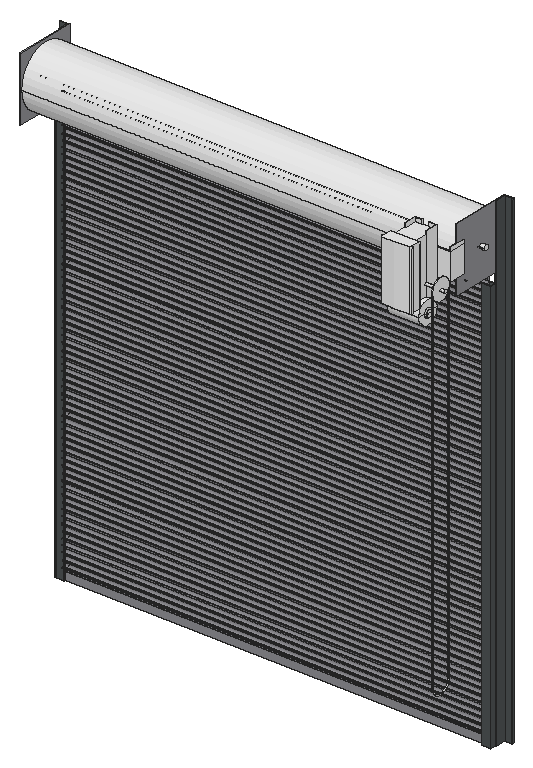
Revit family "FireKing-Fire-Rated-Service-Doors_OHD_Model-631_compact", category Specialty Equipment, host Wall, Revit 2023
Family settings
  Host = Wall
  Round Connector Dimension = Use Diameter
  Part Type = Normal
  OmniClass Number = 23.30.10.21.34
  OmniClass Title = Industrial Doors
  Enable Cutting in Views = No
  Always vertical = Yes
  Cut with Voids When Loaded = Yes
  Maintain Annotation Orientation = No
  Shared = No
  Room Calculation Point = No
Parameters (values of type "115 volts, one phase, 60 Hz (110-120V range)")
  Width Count [instance] = 14  # constant formula
  Warning Sign [instance] = if(Calculated Area > 683.00 SF, 1 = 1, 1 = 2)  # no
  Warning (Note) [instance] = if(Warning Sign, "The Door Area is out of the limit; please adjust accordingly. The maximum allowed area is 683 sq. ft.", if(HC Warning = 1, "Headroom Clearance Dimensions - out of the limits. Consult Factory", " "))  # " "
  Wall Thickness [instance] = 6"
  Voltage = 115 V
  Version = "1.00.01"  # constant formula
  True Opening Width [instance] = if(Between Jambs Mounting, Door Width True, Clear Width)  # 120"
  True Opening Height [instance] = if(Between Jambs Mounting, Clear Height + Headroom Height, Clear Height)  # 120"
  Slat Type [instance] = if(Slat Option < 2, "C-187", "F-265")  # "C-187"
  Slat Option [instance] = 1
  Slat Material [instance] = Steel - Overhead Door - Gray
  Slat Length [instance] = if(Between Jambs Mounting, Clear Width + 1 13/16" * 2, Clear Width + 1 9/16" * 2 + 1/4" * 2)  # 123 5/8"
  Slat Height [instance] = if(Slat < 2, 11 9/32", 13 19/128")  # 11 9/32"
  Slat [instance] = if(Slat Option < 2, 1, 2)  # 1
  Product Page URL = "https://www.overheaddoor.com/fire-rated-service-doors-631"
  Power Factor = 1
  Powder Coat (Note) = "PowderGuard® Premium powder coat finish options are available in approximately 200 colors as well as custom matching to specification. PowderGuard® Textured finish, a thicker, more scratch resistant coat, is available in 11 colors providing enhanced scratch resistance as well as aiding in hiding the dirt and blemishes that often occur in commercial environments.​"  # constant formula
  Operator Visibility = yes
  Operation (Note) [instance] = "Door could operate by manual push, crank, electrical operator or chain hoist. Manual push up and crank could be used up to 80 sf, for larger door sizes you have to use Chain Hoist operator."  # constant formula
  Opening Width Real [instance] = if(Opening Width > Max Opening Width, Max Opening Width, if(Opening Width < Min Opening Width, Min Opening Width, Opening Width))  # 120"
  Opening Width [instance] = 120"
  Opening Height Real [instance] = if(Opening Height > Max Opening Height, Max Opening Height, if(Opening Height < Min Opening Height, Min Opening Height, Opening Height))  # 120"
  Opening Height [instance] = 120"
  One Array element [instance] = not(Array Vis)  # no
  Number of Poles = 1
  Motor Type [instance] = if(Between Jambs Mounting, "RSX FDO Front of Hood", if(Motor Option < 2, "RSX FDO Front of Hood", if(Motor Option = 2, "RSX FDO Top of Hood", if(Motor Option = 3, "RSX Wall Mount", "RSX Bench Mount"))))  # "RSX FDO Front of Hood"
  Motor Selection (Note) [instance] = "Generic operator shown. Contact Overhead Door when dimensions are critical. "  # constant formula
  Motor Position [instance] = if(Between Jambs Mounting, BJ Displacement Real, 2 1/2")  # 2 1/2"
  Motor Option Real [instance] = if(Between Jambs Mounting, 1, if(Motor Option < 1, 1, if(Motor Option > 4, 4, Motor Option)))  # 1
  Motor Option [instance] = 1
  Min Opening Width [instance] = if(Between Jambs Mounting, 18" + BJ Displacement Real * 2 + 2 3/4" * 2, 18")  # 18"
  Min Opening Height [instance] = if(Between Jambs Mounting, 24" + Headroom Height, 24")  # 24"
  Max Opening Width [instance] = 168"  # constant formula
  Max Opening Height [instance] = 144"  # constant formula
  Lookup Table = "Hood Dimensions"  # constant formula
  Lookup BD [instance] = size_lookup(Lookup Table, if(Slat = 1, "A1", "A3"), 10", Width Count, Height Count)  # 17 1/2"
  Jambs Offset [instance] = if(Between Jambs Mounting, BJ Displacement Real + 2 3/4", 0")  # 0"
  Installation Real [instance] = if(Between Jambs Mounting, Wall Thickness / 2 - Guid Depth / 2, Wall Thickness)  # 6"
  Hood Type [instance] = if(Hood Option < 2, "No Hood", if(Hood Option = 2, "Square Hood", if(Hood Option = 3, "Octagon Hood", "Round Hood")))  # "No Hood"
  Hood Option [instance] = 1
  Hood Offset [instance] = if(Chain Hoist or Manual, 1", 3")  # 3"
  Hood Material [instance] = Metal - Overhead Door - Gray
  Hood Height [instance] = if(Between Jambs Mounting, Headroom Height - Hood Offset, if(Hood Option > 1, Headroom Height - Hood Offset - 1 1/2", Headroom Height - Hood Offset))  # 18 5/8"
  Height Count [instance] = if(Slat = 1, HC 1, HC 3)  # 10
  Lookup HH [instance] = size_lookup(Lookup Table, if(Slat = 1, "B1", "B3"), 10", Width Count, Height Count)  # 19 5/8"
  Headroom Height [instance] = if(Chain Hoist or Manual, Lookup HH, Lookup HH + 2")  # 21 5/8"
  HC Warning [instance] = 0  # constant formula
  HC 3 [instance] = if(or(Opening Height < 120", Opening Height = 120"), 10, 14)  # 10
  HC 1 [instance] = if(or(Opening Height < 120", Opening Height = 120"), 10, 21)  # 10
  Guide Type [instance] = if(Between Jambs Mounting, "Angled Between Jambs Z Guide", "Angled Z Guide")  # "Angled Z Guide"
  Guide Option [instance] = if(Between Jambs Mounting, 1, 2)  # 2
  Guid Depth [instance] = 5"  # constant formula
  Frequency = 60 Hz
  Face of Wall Offset [instance] = if(Between Jambs Mounting, 0", 5")  # 5"
  Face Of Wall Mounting [instance] = not(Between Jambs Mounting)  # yes
  Door Width True [instance] = if(Between Jambs Mounting, Clear Width + BJ Displacement Real * 2 + 2 3/4" * 2, Clear Width + 5 3/4" * 2)  # 131 1/2"
  Door Width (Real) [instance] = if(Between Jambs Mounting, Clear Width, Clear Width + 1" / 2)  # 120 1/2"
  Door Height True [instance] = Clear Width + Headroom Height  # 141 5/8"
  Door Height (Real) [instance] = Clear Height + Hood Offset  # 123"
  URL = "https://www.overheaddoor.com/"
  Product data url = "https://www.bimobject.com/overhead-door/product/fireking-fire-rated-service-doors-631"
  Product Guid = "c39b9763-8afd-4508-a33a-ab799e940b6d"
  Model = "631"  # constant formula
  Manufacturer = "Overhead Door Corporation"  # constant formula
  Wall Closure = By host
  Floor To (CL) of Shaft [instance] = Clear Height + Hood Height / 2 + Hood Offset  # 132 5/16"
  Finish Material = Finish - Overhead Door - Black
  Description = "FireKing Model 631 Rolling Fire Door"  # constant formula
  Default Elevation = 0"
  Date Updated = "2026/05/29"  # constant formula
  Clear Width [instance] = if(Between Jambs Mounting, Opening Width Real - BJ Displacement Real * 2 - 2 3/4" * 2, Opening Width Real)  # 120"
  Clear Height [instance] = if(Between Jambs Mounting, Opening Height Real - Headroom Height, Opening Height Real)  # 120"
  Chain Hoist or Manual = no
  Current = 20 A
  Connector Array Distance = 0"  # constant formula
  Connector Array = if(Chain Hoist or Manual, 2, 3)  # 3
  BimObject_Variable_Connectors = "No"  # constant formula
  Between Jambs Mounting [instance] = no
  Between Jambs Guides Offset [instance] = 3"
  Bar [instance] = if(and(Hood Option > 1, Face Of Wall Mounting), 1 = 1, 1 = 2)  # no
  Backroom Depth [instance] = Lookup BD  # 17 1/2"
  BJ Opening Cut [instance] = if(Between Jambs Mounting, Headroom Height, 0")  # 0"
  BJ Displacement Real [instance] = if(Between Jambs Mounting, if(Between Jambs Guides Offset < 3", 3", if(Between Jambs Guides Offset > 6 3/4", 6 3/4", Between Jambs Guides Offset)), 0")  # 0"
  Array Vis [instance] = if(Array < 2, 1 = 2, 1 = 1)  # yes
  Array Real [instance] = if(Array < 2, 2, Array)  # 11
  Array Length [instance] = (Array) * Slat Height  # 124 3/32"
  Array [instance] = rounddown(([Door Height (Real)]) / Slat Height) + 1  # 11
  Calculated Area [instance] = [Door Width (Real)] * [Door Height (Real)]  # 102.927 SF
  Apparent Load Phase 3 = if(Number of Poles = 1, 0 VA, (Voltage * Current * sqrt(3)) / 3)  # 0 VA
  Apparent Load Phase 2 = if(Number of Poles = 1, 0 VA, (Voltage * Current * sqrt(3)) / 3)  # 0 VA
  Apparent Load Phase 1 = if(Number of Poles = 1, Voltage * Current, (Voltage * Current * sqrt(3)) / 3)  # 2300 VA
Reference planes (in)
  plane 1 "Center (Front/Back)": y = -14.625
  plane 2 "Center (Left/Right)": x = 0
  plane 3 "Left": x = -60
  plane 4 "Right": x = 60
  plane 5 "Exterior": y = -8.625
  plane 6 "Interior": y = -14.625
  plane 7: x = 65.75
  plane 8: x = -65.75
  plane 9: z = 120
  plane 10 "Main": y = -18.98437
  plane 11 "Backroom Depth": y = -32.125
  plane 12 "Main Door Block": y = -14.625
  plane 13 "Bottom Bar": z = 2.75
  plane 14: y = -19.625
  plane 15: z = 126.84375
  plane 16: z = 141.625
  plane 17: z = 123
  plane 18: z = 143.125
  plane 19: z = 0
  plane 20: z = 60
  plane 21: y = -18.7185
  plane 22: y = 18.375
  plane 23: y = -41.625
  plane 24 "Double Main": y = -18.406
  plane 25 "Headroom Top": z = 141.625
  plane 26: z = 132.3125
  plane 27: x = 63.25
  plane 28: x = -63.25
Forms (in)
  Extrusion 1, void
    sketch origin (0, -14.625, 0) x (0, 0, -1) y (-1, 0, 0)
      loop
        line (-120, 60) -> (-120, -60) -> (0, -60) -> (0, 60) -> (-120, 60)
    from 0 to 6
  Extrusion 2, solid, material "Metal - Overhead Door - Gray" <- "Hood Material", visible <- "Bar"
    sketch origin (0, 0, 0) x (0, 1, 0) y (0, 0, 1)
      loop
        line (-14.875, 141.625) -> (-14.625, 141.625) -> (-14.625, 143.125) -> (-14.875, 143.125) -> (-14.875, 141.625)
    from -63 to 63
Lines and regions (in)
  symbolic lines, visible <- "Bar"
    curve 1: line (63, -14.625, 0) -> (-63, -14.625, 0)
    curve 2: line (-63, -14.875, 0) -> (63, -14.875, 0)
Text (in)
  text "Exterior" at (-74.96733, 27.31104, 0), in view "Ref. Level"
  text "Interior" at (-74.96733, -25.14366, 0), in view "Ref. Level"
  text "Exterior" at (0, 40.15149, 123.01588), in view "Right"
  text "Interior" at (0, -64.39139, 123.01588), in view "Right"
  text "Interior" at (0, -31.01599, 123.00693), in view "Left"
  text "Exterior" at (0, 54.57065, 123.00693), in view "Left"
Dimensions and locks (in)
  equal spacing: plane 3 "Left", plane 2 "Center (Left/Right)", plane 4 "Right"
  "Clear Width": plane 3 "Left" to plane 4 "Right"
  level to host wall = 459.59655"
  "Clear Height": level to plane 9
  plane 7 to plane 8 = 131 1/2"
  equal spacing: plane 7, plane 2 "Center (Left/Right)", plane 8
  locked: plane 13 "Bottom Bar" to level at 2.75
  "Door Width True": plane 7 to plane 8
  "Guid Depth": plane 14 to plane 12 "Main Door Block"
  locked: plane 14 to plane 10 "Main" at 0.64063
  equal spacing: group 1, group 3, group 4, group 5, group 6, group 7, group 8, group 9, group 10, group 11, group 2  (x3)
  "Array Length": plane 15 to plane 13 "Bottom Bar"
  "Backroom Depth": plane 11 "Backroom Depth" to plane 12 "Main Door Block"
  "Hood Height": plane 16 to plane 17
  locked: plane 18 to plane 16 at 1.5
  locked: Extrusion 2 sketch curve to Extrusion 2 sketch curve at 0.25
  "Installation Real": plane 1 "Center (Front/Back)" to plane 5 "Exterior"
  "Wall Thickness": host wall to host wall
  equal spacing: plane 9, plane 20, plane 19
  locked: plane 10 "Main" to plane 21 at 0.26587
  equal spacing: plane 22, host wall, plane 23
  locked: plane 22 to plane 23 at 60
  locked: plane 10 "Main" to plane 24 "Double Main" at 0.57837
  "BJ Opening Cut": Extrusion 1 sketch curve to plane 9
  locked: Extrusion 2 sketch curve to Extrusion 2 sketch curve at 1.5
  "Hood Offset": plane 17 to plane 9
  "Headroom Height": plane 25 "Headroom Top" to plane 9
  "Floor To (CL) of Shaft": plane 26 to level
  "Jambs Offset": plane 4 "Right" to Extrusion 1 sketch curve
  "Jambs Offset": Extrusion 1 sketch curve to plane 3 "Left"
  "Motor Position": plane 7 to plane 27
  "Motor Position": plane 28 to plane 8
  locked: plane 28 to Extrusion 2 at 0.25
  locked: Extrusion 2 to plane 27 at 0.25
  aligned and locked: plane 5 "Exterior" to host wall
  aligned and locked: host wall to plane 6 "Interior"
  aligned and locked: level to Extrusion 1 sketch curve
  aligned and locked: Extrusion 1 to plane 5 "Exterior"
  aligned and locked: plane 6 "Interior" to Extrusion 1
  aligned and locked: nested 1 to plane 10 "Main"
  aligned and locked: nested 2 to plane 10 "Main"
  aligned and locked: plane 13 "Bottom Bar" to nested 1
  aligned and locked: nested 3 to plane 2 "Center (Left/Right)"
  aligned and locked: plane 16 to nested 4
  aligned and locked: nested 3 to level
  aligned and locked: Extrusion 2 sketch curve to plane 18
  aligned and locked: plane 6 "Interior" to Extrusion 2 sketch curve
  aligned and locked: curve 1 to Extrusion 2  (x2)
  aligned and locked: curve 2 to Extrusion 2  (x2)
  aligned and locked: Extrusion 2 to curve 2
  aligned and locked: plane 12 "Main Door Block" to plane 1 "Center (Front/Back)"
  aligned and locked: plane 5 "Exterior" to nested 4
  aligned and locked: level to plane 19
  aligned and locked: plane 15 to nested 2
  aligned and locked: nested 3 to plane 1 "Center (Front/Back)"
  aligned and locked: plane 2 "Center (Left/Right)" to nested 5
  aligned and locked: nested 5 to plane 22
  aligned and locked: plane 23 to nested 6
  aligned and locked: nested 6 to plane 2 "Center (Left/Right)"
  aligned and locked: nested 7 to plane 20
  aligned and locked: plane 2 "Center (Left/Right)" to nested 7
  aligned and locked: nested 7 to plane 10 "Main"
  aligned and locked: plane 13 "Bottom Bar" to nested 8
  aligned and locked: plane 2 "Center (Left/Right)" to nested 8
  aligned and locked: nested 8 to plane 10 "Main"
  aligned and locked: nested 4 to plane 27
  aligned and locked: plane 2 "Center (Left/Right)" to nested 1
  aligned and locked: plane 2 "Center (Left/Right)" to nested 9
Automatic sketch dimensions
  curve 1 to curve 2 = 0"
Nested families (in)
  nested 1: "Slat" at (0, -18.98437, 2.75), visible <- "Array Vis", type "Slat"
  nested 2: "Slat" at (0, -18.98437, 115.56375), visible <- "Array Vis", type "Slat"
  nested 3: "Lifts" at (0, -14.625, 0), type "Frame Unit"
    with Square Hood no, Round Hood no, Octagon Hood no, No Hood yes, Hood Offset 3", Hood Height 18 5/8", Half Hood Height 18 5/8", Floor To (CL) of Shaft 132 5/16"
  nested 4: "Motor" at (56.3705, -39.705, 121.2425), visible <- "Operator Visibility", type "Trolley Motor"
  nested 5: "Label Annotation 1" at (0, 18.375, 0), visible <- "Warning Sign", type "Label Annotation 1"
  nested 6: "Label Annotation 1" at (0, -41.625, 0) x (-1, 0, 0) z (0, 0, 1), visible <- "Warning Sign", type "Label Annotation 1"
  nested 7: "Warning Sign" at (0, -18.98437, 60), visible <- "Warning Sign", type "Warning Sign"
    with Warning Sign no
  nested 8: "Slat" at (0, -18.98437, 2.75), visible <- "One Array element", type "Slat"
  nested 9: "Slat" at (0, -18.98437, 14.03137), visible <- "Array Vis", type "Slat"
  nested 10: "Slat" at (0, -18.98437, 25.31275), visible <- "Array Vis", type "Slat"
  nested 11: "Slat" at (0, -18.98437, 36.59412), visible <- "Array Vis", type "Slat"
  nested 12: "Slat" at (0, -18.98437, 47.8755), visible <- "Array Vis", type "Slat"
  nested 13: "Slat" at (0, -18.98437, 59.15687), visible <- "Array Vis", type "Slat"
  nested 14: "Slat" at (0, -18.98437, 70.43825), visible <- "Array Vis", type "Slat"
  nested 15: "Slat" at (0, -18.98437, 81.71963), visible <- "Array Vis", type "Slat"
  nested 16: "Slat" at (0, -18.98437, 93.001), visible <- "Array Vis", type "Slat"
  nested 17: "Slat" at (0, -18.98437, 104.28238), visible <- "Array Vis", type "Slat"
Connectors (in)
  electrical at (59.3585, -38.31077, 131.8123), driven by "Apparent Load Phase 1", driven by "Number of Poles", driven by "Power Factor", driven by "Voltage", driven by "Apparent Load Phase 2", driven by "Apparent Load Phase 3"
    settings: on nested 4, index 1, voltage 115 V, apparent load 0 VA, apparent load phase1 2300 VA, apparent load phase2 0 VA, apparent load phase3 0 VA, power factor 1, load classification "Other", number of poles 1, system type 31, power factor state 1, is connector primary yes, connector utility no, sub classification motor no, connector description "Electrical Connector"
Definition of nested family "Slat"
  Parameters (values of type "Slat")
    Slat Width = if(Slat Option < 2, 0.53", 0.63")  # 0.53"
    Slat Position = if(Slat Option < 2, 1.88" * 6, 2.63" * 5)  # 11.28"
    Slat Option = 1
    Panel Material = none
    Opening Width = 123 5/8"
    F 265 = if(Slat Option > 1, 1 = 1, 1 = 2)  # no
    Default Elevation = 48"
    C 187 = if(Slat Option < 2, 1 = 1, 1 = 2)  # yes
  Reference planes (in)
    plane 1 "Center (Front/Back)": y = 0
    plane 2: z = 0
    plane 3 "Center (Left/Right)": x = 0
    plane 4: x = -61.8125
    plane 5: x = 61.8125
    plane 6: y = 0.53
    plane 7: y = 0
    plane 8: z = 0
    plane 9: z = 11.28
    plane 10: y = 0.265
  Forms (in)
    Extrusion 1, solid, material <- "Panel Material", visible <- "C 187"
      sketch origin (0, -4.98186, 11.28) x (0, 1, 0) y (0, 0, 1)
        loop
          arc (5.13374, -0.19852) -> (5.22413, 0.04375) -> (4.98186, -0.04664) r 0.14213
          arc (4.98186, -0.04664) -> (5.00563, -0.16042) -> (5.08572, -0.24466) r 0.21243
          arc (5.08572, -0.24466) -> (5.4383, -0.89756) -> (5.02595, -1.51447) r 0.71901
          arc (5.02595, -1.51447) -> (4.97908, -1.58828) -> (5.02595, -1.6621) r 0.08156
          arc (5.02595, -1.6621) -> (5.11263, -1.7164) -> (5.18387, -1.78979) r 0.42621
          arc (5.18387, -1.78979) -> (4.98591, -1.90085) -> (5.06579, -2.11331) r 0.17419
          arc (5.06579, -2.11331) -> (5.43875, -2.76611) -> (5.02595, -3.39447) r 0.71901
          arc (5.02595, -3.39447) -> (4.97908, -3.46828) -> (5.02595, -3.5421) r 0.08156
          arc (5.02595, -3.5421) -> (5.11263, -3.5964) -> (5.18387, -3.66979) r 0.42621
          arc (5.18387, -3.66979) -> (4.98591, -3.78085) -> (5.06579, -3.99331) r 0.17419
          arc (5.06579, -3.99331) -> (5.43875, -4.64611) -> (5.02595, -5.27447) r 0.71901
          arc (5.02595, -5.27447) -> (4.97908, -5.34828) -> (5.02595, -5.4221) r 0.08156
          arc (5.02595, -5.4221) -> (5.11263, -5.4764) -> (5.18387, -5.54979) r 0.42621
          arc (5.18387, -5.54979) -> (4.98591, -5.66085) -> (5.06579, -5.87331) r 0.17419
          arc (5.06579, -5.87331) -> (5.43875, -6.52611) -> (5.02595, -7.15447) r 0.71901
          arc (5.02595, -7.15447) -> (4.97908, -7.22828) -> (5.02595, -7.3021) r 0.08156
          arc (5.02595, -7.3021) -> (5.11263, -7.3564) -> (5.18387, -7.42979) r 0.42621
          arc (5.18387, -7.42979) -> (4.98591, -7.54085) -> (5.06579, -7.75331) r 0.17419
          arc (5.06579, -7.75331) -> (5.43875, -8.40611) -> (5.02595, -9.03447) r 0.71901
          arc (5.02595, -9.03447) -> (4.97908, -9.10828) -> (5.02595, -9.1821) r 0.08156
          arc (5.02595, -9.1821) -> (5.11263, -9.2364) -> (5.18387, -9.30979) r 0.42621
          arc (5.18387, -9.30979) -> (4.98591, -9.42085) -> (5.06579, -9.63331) r 0.17419
          arc (5.06579, -9.63331) -> (5.43875, -10.28611) -> (5.02595, -10.91447) r 0.71901
          arc (5.02595, -10.91447) -> (4.97908, -10.98828) -> (5.02595, -11.0621) r 0.08156
          arc (5.02595, -11.0621) -> (5.11263, -11.1164) -> (5.18387, -11.18979) r 0.42621
          arc (5.18387, -11.18979) -> (4.98464, -11.27401) -> (5.11521, -11.44645) r 0.13704
          arc (5.11521, -11.44645) -> (5.2675, -11.35269) -> (5.24767, -11.17496) r 0.167
          arc (5.24767, -11.17496) -> (5.15003, -11.06824) -> (5.03941, -10.97505) r 1.11641
          arc (5.03941, -10.97505) -> (5.51106, -10.31587) -> (5.13374, -9.59852) r 0.77203
          arc (5.13374, -9.59852) -> (5.27713, -9.47917) -> (5.24767, -9.29496) r 0.18851
          arc (5.24767, -9.29496) -> (5.15003, -9.18824) -> (5.03941, -9.09505) r 1.11641
          arc (5.03941, -9.09505) -> (5.51106, -8.43587) -> (5.13374, -7.71852) r 0.77203
          arc (5.13374, -7.71852) -> (5.27713, -7.59917) -> (5.24767, -7.41496) r 0.18851
          arc (5.24767, -7.41496) -> (5.15003, -7.30824) -> (5.03941, -7.21505) r 1.11641
          arc (5.03941, -7.21505) -> (5.51106, -6.55587) -> (5.13374, -5.83852) r 0.77203
          arc (5.13374, -5.83852) -> (5.27713, -5.71917) -> (5.24767, -5.53496) r 0.18851
          arc (5.24767, -5.53496) -> (5.15003, -5.42824) -> (5.03941, -5.33505) r 1.11641
          arc (5.03941, -5.33505) -> (5.51106, -4.67587) -> (5.13374, -3.95852) r 0.77203
          arc (5.13374, -3.95852) -> (5.27713, -3.83917) -> (5.24767, -3.65496) r 0.18851
          arc (5.24767, -3.65496) -> (5.15003, -3.54824) -> (5.03941, -3.45505) r 1.11641
          arc (5.03941, -3.45505) -> (5.51106, -2.79587) -> (5.13374, -2.07852) r 0.77203
          arc (5.13374, -2.07852) -> (5.27713, -1.95917) -> (5.24767, -1.77496) r 0.18851
          arc (5.24767, -1.77496) -> (5.15003, -1.66824) -> (5.03941, -1.57505) r 1.11641
          arc (5.03941, -1.57505) -> (5.51106, -0.91587) -> (5.13374, -0.19852) r 0.77203
      from -61.8125 to 61.8125
    Extrusion 2, solid, material <- "Panel Material", visible <- "F 265"
      sketch origin (0, -4.98186, 11.28) x (0, 1, 0) y (0, 0, 1)
        loop
          arc (5.02225, -13.3083) -> (5.02946, -13.359) -> (5.06714, -13.39369) r 0.07621
          line (5.06714, -13.39369) -> (5.50213, -13.53037)
          arc (5.50213, -13.53037) -> (5.5795, -13.52023) -> (5.61555, -13.45101) r 0.08448
          line (5.61555, -13.45101) -> (5.61555, -11.01166)
          arc (5.61555, -11.01166) -> (5.59226, -10.95542) -> (5.53602, -10.93213) r 0.07953
          line (5.53602, -10.93213) -> (5.07146, -10.90651)
          arc (5.07146, -10.90651) -> (5.05162, -10.89829) -> (5.0434, -10.87845) r 0.02806
          line (5.0434, -10.87845) -> (5.06714, -10.76816) -> (5.50213, -10.90484)
          arc (5.50213, -10.90484) -> (5.5795, -10.8947) -> (5.61555, -10.82548) r 0.08448
          line (5.61555, -10.82548) -> (5.61555, -8.38613)
          arc (5.61555, -8.38613) -> (5.59226, -8.32989) -> (5.53602, -8.3066) r 0.07953
          line (5.53602, -8.3066) -> (5.07145, -8.28099)
          arc (5.07145, -8.28099) -> (5.05162, -8.27278) -> (5.0434, -8.25295) r 0.02804
          line (5.0434, -8.25295) -> (5.06682, -8.14253) -> (5.50213, -8.27931)
          arc (5.50213, -8.27931) -> (5.5795, -8.26916) -> (5.61555, -8.19995) r 0.08448
          line (5.61555, -8.19995) -> (5.61555, -5.7606)
          arc (5.61555, -5.7606) -> (5.59226, -5.70436) -> (5.53602, -5.68106) r 0.07953
          line (5.53602, -5.68106) -> (5.07146, -5.65544)
          arc (5.07146, -5.65544) -> (5.05162, -5.64722) -> (5.0434, -5.62738) r 0.02806
          line (5.0434, -5.62738) -> (5.06714, -5.51709) -> (5.50213, -5.65378)
          arc (5.50213, -5.65378) -> (5.5795, -5.64363) -> (5.61555, -5.57441) r 0.08448
          line (5.61555, -5.57441) -> (5.61555, -3.13506)
          arc (5.61555, -3.13506) -> (5.59226, -3.07882) -> (5.53602, -3.05553) r 0.07953
          line (5.53602, -3.05553) -> (5.07145, -3.02992)
          arc (5.07145, -3.02992) -> (5.05162, -3.02171) -> (5.0434, -3.00188) r 0.02804
          line (5.0434, -3.00188) -> (5.06682, -2.89146) -> (5.50213, -3.02824)
          arc (5.50213, -3.02824) -> (5.5795, -3.0181) -> (5.61555, -2.94888) r 0.08448
          line (5.61555, -2.94888) -> (5.61555, -0.50953)
          arc (5.61555, -0.50953) -> (5.59226, -0.45329) -> (5.53602, -0.43) r 0.07953
          line (5.53602, -0.43) -> (5.07094, -0.40562)
          arc (5.07094, -0.40562) -> (5.05177, -0.39768) -> (5.04383, -0.37851) r 0.02711
          line (5.04383, -0.37851) -> (5.09718, -0.11725)
          arc (5.09718, -0.11725) -> (5.4945, 0.04334) -> (5.06596, 0.04602) r 0.21842
          line (5.06596, 0.04602) -> (4.98186, -0.36586)
          arc (4.98186, -0.36586) -> (4.99921, -0.43741) -> (5.06536, -0.46972) r 0.08656
          line (5.06536, -0.46972) -> (5.51922, -0.48958)
          arc (5.51922, -0.48958) -> (5.54224, -0.4991) -> (5.55178, -0.52211) r 0.03256
          line (5.55178, -0.52211) -> (5.55375, -2.9399)
          arc (5.55375, -2.9399) -> (5.54189, -2.96619) -> (5.51328, -2.96983) r 0.02952
          line (5.51328, -2.96983) -> (5.0787, -2.83327) -> (5.09726, -2.74238)
          arc (5.09726, -2.74238) -> (5.49489, -2.58243) -> (5.06631, -2.57951) r 0.21842
          line (5.06631, -2.57951) -> (4.98186, -2.99139)
          arc (4.98186, -2.99139) -> (4.99921, -3.06294) -> (5.06536, -3.09526) r 0.08656
          line (5.06536, -3.09526) -> (5.51922, -3.11511)
          arc (5.51922, -3.11511) -> (5.54224, -3.12464) -> (5.55178, -3.14764) r 0.03256
          line (5.55178, -3.14764) -> (5.55375, -5.56543)
          arc (5.55375, -5.56543) -> (5.54189, -5.59173) -> (5.51328, -5.59536) r 0.02952
          line (5.51328, -5.59536) -> (5.07902, -5.45891) -> (5.09752, -5.36831)
          arc (5.09752, -5.36831) -> (5.49485, -5.20773) -> (5.06631, -5.20505) r 0.21842
          line (5.06631, -5.20505) -> (4.98186, -5.61692)
          arc (4.98186, -5.61692) -> (4.99921, -5.68847) -> (5.06536, -5.72079) r 0.08656
          line (5.06536, -5.72079) -> (5.51922, -5.74064)
          arc (5.51922, -5.74064) -> (5.54224, -5.75017) -> (5.55178, -5.77318) r 0.03256
          line (5.55178, -5.77318) -> (5.55375, -8.19096)
          arc (5.55375, -8.19096) -> (5.54189, -8.21726) -> (5.51328, -8.22089) r 0.02952
          line (5.51328, -8.22089) -> (5.0787, -8.08434) -> (5.09726, -7.99345)
          arc (5.09726, -7.99345) -> (5.49489, -7.83349) -> (5.06631, -7.83058) r 0.21842
          line (5.06631, -7.83058) -> (4.98186, -8.24245)
          arc (4.98186, -8.24245) -> (4.99921, -8.31401) -> (5.06536, -8.34632) r 0.08656
          line (5.06536, -8.34632) -> (5.51922, -8.36618)
          arc (5.51922, -8.36618) -> (5.54224, -8.3757) -> (5.55178, -8.39871) r 0.03256
          line (5.55178, -8.39871) -> (5.55375, -10.8165)
          arc (5.55375, -10.8165) -> (5.54189, -10.84279) -> (5.51328, -10.84643) r 0.02952
          line (5.51328, -10.84643) -> (5.07902, -10.70997) -> (5.09752, -10.61938)
          arc (5.09752, -10.61938) -> (5.49485, -10.45879) -> (5.06631, -10.45611) r 0.21842
          line (5.06631, -10.45611) -> (4.98186, -10.86799)
          arc (4.98186, -10.86799) -> (4.99921, -10.93954) -> (5.06536, -10.97185) r 0.08656
          line (5.06536, -10.97185) -> (5.51922, -10.99171)
          arc (5.51922, -10.99171) -> (5.54224, -11.00124) -> (5.55178, -11.02424) r 0.03256
          line (5.55178, -11.02424) -> (5.55375, -13.44203)
          arc (5.55375, -13.44203) -> (5.54189, -13.46832) -> (5.51328, -13.47196) r 0.02952
          line (5.51328, -13.47196) -> (5.0787, -13.3354) -> (5.09726, -13.24451)
          arc (5.09726, -13.24451) -> (5.49489, -13.08456) -> (5.06631, -13.08164) r 0.21842
          line (5.06631, -13.08164) -> (5.01978, -13.30779)
      from -61.8125 to 61.8125
  Lines and regions (in)
    reference lines
      curve 1: line (0, -4.98186, 11.28) -> (0, 9.9877, 11.28)
  Dimensions and locks (in)
    equal spacing: plane 4, plane 3 "Center (Left/Right)", plane 5
    "Opening Width": plane 4 to plane 5
    "Slat Width": plane 1 "Center (Front/Back)" to plane 6
    "Slat Position": plane 9 to level
    equal spacing: plane 1 "Center (Front/Back)", plane 10, plane 6
    aligned and locked: plane 2 to level
    aligned and locked: plane 1 "Center (Front/Back)" to plane 7
    aligned and locked: level to plane 8
    aligned and locked: plane 5 to Extrusion 1
    aligned and locked: plane 4 to Extrusion 1
    aligned and locked: plane 5 to Extrusion 2
    aligned and locked: plane 4 to Extrusion 2
    aligned and locked: curve 1 to plane 9
  Automatic sketch dimensions
    plane 1 "Center (Front/Back)" to curve 1 = 4.98186"
    curve 1 to plane 6 = 9.4577"
    curve 1 to Extrusion 1 sketch curve = 4.37692"
    Extrusion 1 sketch curve to Extrusion 1 sketch curve = 0"  (x25)
    Extrusion 1 sketch curve to Extrusion 1 sketch curve = 0.34316"  (x6)
    Extrusion 1 sketch curve to Extrusion 1 sketch curve = 0.02075"  (x6)
    Extrusion 1 sketch curve to Extrusion 1 sketch curve = 0.46772"  (x6)
    Extrusion 1 sketch curve to Extrusion 1 sketch curve = 0.21601"  (x6)
    Extrusion 1 sketch curve to Extrusion 1 sketch curve = 0.25599"  (x5)
    Extrusion 1 sketch curve to Extrusion 1 sketch curve = 0.0004"
    curve 1 to Extrusion 1 sketch curve = 0.05675"
    Extrusion 1 sketch curve to Extrusion 1 sketch curve = 49/128"
    Extrusion 1 sketch curve to Extrusion 1 sketch curve = 0.04891"  (x5)
    Extrusion 1 sketch curve to Extrusion 1 sketch curve = 0.07012"
    curve 1 to Extrusion 1 sketch curve = 0.06175"
    curve 1 to Extrusion 1 sketch curve = 0.86309"
    Extrusion 1 sketch curve to Extrusion 1 sketch curve = 0.00067"  (x6)
    Extrusion 1 sketch curve to Extrusion 1 sketch curve = 0.72519"  (x6)
    Extrusion 1 sketch curve to Extrusion 1 sketch curve = 0.30465"  (x5)
    Extrusion 1 sketch curve to Extrusion 1 sketch curve = 0.06764"  (x5)
    Extrusion 1 sketch curve to Extrusion 1 sketch curve = 0.15488"  (x5)
    Extrusion 1 sketch curve to Extrusion 1 sketch curve = 0.42583"  (x6)
    Extrusion 1 sketch curve to Extrusion 1 sketch curve = 0.26945"  (x5)
    Extrusion 1 sketch curve to Extrusion 1 sketch curve = 0.02995"
    curve 1 to Extrusion 1 sketch curve = 0.04664"
    Extrusion 1 sketch curve to Extrusion 1 sketch curve = 0.0347"  (x8)
    Extrusion 1 sketch curve to Extrusion 1 sketch curve = 0.02124"  (x6)
    Extrusion 1 sketch curve to Extrusion 1 sketch curve = 0.00181"
    Extrusion 1 sketch curve to Extrusion 1 sketch curve = 0.04801"
    Extrusion 1 sketch curve to Extrusion 1 sketch curve = 0.06794"  (x5)
    Extrusion 1 sketch curve to Extrusion 1 sketch curve = 0.0638"  (x3)
    curve 1 to Extrusion 2 sketch curve = 4.98186"  (x2)
    curve 1 to Extrusion 2 sketch curve = 0.36586"
    Extrusion 2 sketch curve to Extrusion 2 sketch curve = 0"  (x4)
    curve 1 to Extrusion 2 sketch curve = 2.99139"
    Extrusion 2 sketch curve to Extrusion 2 sketch curve = 0.06154"  (x4)
    curve 1 to Extrusion 2 sketch curve = 0.37851"
    Extrusion 2 sketch curve to Extrusion 2 sketch curve = 0.06197"
    Extrusion 2 sketch curve to Extrusion 2 sketch curve = 0.02196"  (x4)
    curve 1 to Extrusion 2 sketch curve = 0.46972"
    Extrusion 2 sketch curve to Extrusion 2 sketch curve = 0.02153"
    curve 1 to Extrusion 2 sketch curve = 3.09526"
    Extrusion 2 sketch curve to curve 1 = 0.04602"
    Extrusion 2 sketch curve to Extrusion 2 sketch curve = 0.0841"
    Extrusion 2 sketch curve to Extrusion 2 sketch curve = 0.02327"  (x4)
    Extrusion 2 sketch curve to Extrusion 2 sketch curve = 3/128"  (x2)
    Extrusion 2 sketch curve to Extrusion 2 sketch curve = 0.02374"  (x2)
    curve 1 to Extrusion 2 sketch curve = 0.40562"
    Extrusion 2 sketch curve to Extrusion 2 sketch curve = 0.00478"  (x2)
    Extrusion 2 sketch curve to Extrusion 2 sketch curve = 0.00479"  (x2)
    Extrusion 2 sketch curve to Extrusion 2 sketch curve = 0.01188"  (x4)
    curve 1 to Extrusion 2 sketch curve = 0.11725"
    Extrusion 2 sketch curve to Extrusion 2 sketch curve = 0.03122"
    Extrusion 2 sketch curve to Extrusion 2 sketch curve = 0.01856"  (x3)
    Extrusion 2 sketch curve to Extrusion 2 sketch curve = 0.0319"
    Extrusion 2 sketch curve to Extrusion 2 sketch curve = 0.0185"  (x2)
    Extrusion 2 sketch curve to curve 1 = 0.00232"
    Extrusion 2 sketch curve to Extrusion 2 sketch curve = 0.18305"  (x3)
    Extrusion 2 sketch curve to Extrusion 2 sketch curve = 0.18279"  (x2)
    Extrusion 2 sketch curve to Extrusion 2 sketch curve = 0.43067"
    Extrusion 2 sketch curve to Extrusion 2 sketch curve = 0.43068"  (x2)
    Extrusion 2 sketch curve to Extrusion 2 sketch curve = 0.01115"  (x5)
    Extrusion 2 sketch curve to Extrusion 2 sketch curve = 0.0171"  (x4)
    curve 1 to Extrusion 2 sketch curve = 0.48958"
    Extrusion 2 sketch curve to Extrusion 2 sketch curve = 0.45386"
    Extrusion 2 sketch curve to Extrusion 2 sketch curve = 0.01106"  (x5)
    Extrusion 2 sketch curve to Extrusion 2 sketch curve = 0.00673"  (x5)
    Extrusion 2 sketch curve to Extrusion 2 sketch curve = 0.03389"  (x2)
    curve 1 to Extrusion 2 sketch curve = 0.43"
    Extrusion 2 sketch curve to Extrusion 2 sketch curve = 0.0168"  (x3)
    Extrusion 2 sketch curve to Extrusion 2 sketch curve = 0.01577"  (x5)
    curve 1 to Extrusion 2 sketch curve = 0.52211"
    Extrusion 2 sketch curve to Extrusion 2 sketch curve = 0.02268"  (x4)
    Extrusion 2 sketch curve to Extrusion 2 sketch curve = 0.0618"  (x2)
    Extrusion 2 sketch curve to Extrusion 2 sketch curve = 0.06377"  (x3)
    Extrusion 2 sketch curve to Extrusion 2 sketch curve = 0.02978"
    Extrusion 2 sketch curve to Extrusion 2 sketch curve = 0.40521"
    Extrusion 2 sketch curve to Extrusion 2 sketch curve = 0.01985"
    Extrusion 2 sketch curve to Extrusion 2 sketch curve = 0.01995"  (x4)
    Extrusion 2 sketch curve to Extrusion 2 sketch curve = 0.01258"  (x4)
    Extrusion 2 sketch curve to Extrusion 2 sketch curve = 2.10108"  (x4)
    Extrusion 2 sketch curve to Extrusion 2 sketch curve = 0.11957"  (x2)
    Extrusion 2 sketch curve to Extrusion 2 sketch curve = 0.09059"  (x2)
    Extrusion 2 sketch curve to Extrusion 2 sketch curve = 0.05819"  (x4)
    Extrusion 2 sketch curve to Extrusion 2 sketch curve = 0.31669"  (x3)
    Extrusion 2 sketch curve to Extrusion 2 sketch curve = 0.00256"  (x3)
    Extrusion 2 sketch curve to Extrusion 2 sketch curve = 0.00898"  (x4)
    Extrusion 2 sketch curve to Extrusion 2 sketch curve = 0.09983"  (x2)
    Extrusion 2 sketch curve to Extrusion 2 sketch curve = 0.01046"  (x2)
    Extrusion 2 sketch curve to Extrusion 2 sketch curve = 0.00686"  (x2)
    Extrusion 2 sketch curve to Extrusion 2 sketch curve = 0.02729"  (x4)
    Extrusion 2 sketch curve to Extrusion 2 sketch curve = 0.11917"  (x3)
    Extrusion 2 sketch curve to Extrusion 2 sketch curve = 0.09089"  (x3)
    Extrusion 2 sketch curve to Extrusion 2 sketch curve = 0.09993"
    Extrusion 2 sketch curve to Extrusion 2 sketch curve = 0.01049"
    Extrusion 2 sketch curve to Extrusion 2 sketch curve = 0.00683"
    Extrusion 2 sketch curve to Extrusion 2 sketch curve = 0.07015"
    Extrusion 2 sketch curve to Extrusion 2 sketch curve = 0.12104"
    Extrusion 2 sketch curve to Extrusion 2 sketch curve = 0.00642"  (x2)
    Extrusion 2 sketch curve to Extrusion 2 sketch curve = 0.02095"  (x2)
    Extrusion 2 sketch curve to Extrusion 2 sketch curve = 0.05841"
    Extrusion 2 sketch curve to Extrusion 2 sketch curve = 0.02122"
    Extrusion 2 sketch curve to Extrusion 2 sketch curve = 0.11042"
    Extrusion 2 sketch curve to Extrusion 2 sketch curve = 0.07748"
    Extrusion 2 sketch curve to Extrusion 2 sketch curve = 0.03156"  (x2)
    curve 1 to Extrusion 2 sketch curve = 2.57951"
    Extrusion 2 sketch curve to Extrusion 2 sketch curve = 0.0313"  (x2)
    Extrusion 2 sketch curve to Extrusion 2 sketch curve = 0.00034"  (x5)
    Extrusion 2 sketch curve to Extrusion 2 sketch curve = 0.07467"
    Extrusion 2 sketch curve to Extrusion 2 sketch curve = 0.01822"
    Extrusion 2 sketch curve to Extrusion 2 sketch curve = 0.02761"
    Extrusion 2 sketch curve to Extrusion 2 sketch curve = 0.01186"
    Extrusion 1 sketch curve to Extrusion 1 sketch curve = 0.06645"
    Extrusion 1 sketch curve to Extrusion 1 sketch curve = 0.09107"
Definition of nested family "Lifts"
  Parameters (values of type "Frame Unit")
    True Width = if(Between Jambs, Opening Width, Opening Width + 1/2")  # 120 1/2"
    Square Hood [instance] = if(Hood Option = 2, 1 = 1, 1 = 2)  # no
    Round Hood [instance] = if(Hood Option > 3, 1 = 1, 1 = 2)  # no
    Rough Width = 0"
    Rough Height = 0"
    Octagon Hood [instance] = if(Hood Option = 3, 1 = 1, 1 = 2)  # no
    No Hood [instance] = if(Hood Option < 2, 1 = 1, 1 = 2)  # yes
    Hood Type = if(Hood Option < 2, "No Hood", if(Hood Option = 2, "Square Hood", if(Hood Option = 3, "Octagon Hood", "Round Hood")))  # "No Hood"
    Hood Option = 1
    Hood Offset = 3 1/2"
    Hood Height = Headroom Height Real - Hood Offset  # 18 1/8"
    Headroom Height Real = if(Between Jambs, Headroom Height, if(Hood Option > 1, Headroom Height - 1 1/2", Headroom Height))  # 21 5/8"
    Half Octagon Side = (Radius Hood * 2 * tan(180.00° / 8)) / 2  # 3.62437"
    Half Hood Height = Headroom Height - Hood Offset  # 18 1/8"
    E Guide Width = if(Between Jambs, Guide Offset - Z Guide Offset + BJ Connection Length - BJ Displacement * 2 / 3, 3 3/8")  # 3 3/8"
    E Guide Height = 3 7/16"
    Z Guide = 1 = 1  # yes
    Slat Material = none
    Shaft Offset = if(Hood Height < Header Width, (Header Width - (Header Width - Hood Height)) / 2, Header Width / 2)  # 8 3/4"
    Shaft Material = none
    Shaft Length 2 = 4 3/4"  # constant formula
    Shaft Length 1 = 4 3/4"  # constant formula
    Setback = if(Between Jambs, 0", 1/4")  # 1/4"
    Radius Hood = Shaft Offset  # 8 3/4"
    Opening Width = 120"
    Hood Material = none
    Headroom Height = 21 5/8"
    Header Width = 17 1/2"
    Opening Height = 120"
    Guide Type = if(Between Jambs, "Angled Between Jambs Z Guide", "Angled Z Guide")  # "Angled Z Guide"
    Guide Option = if(Between Jambs, 1, 2)  # 2
    Guide Offset = BJ Displacement + Z Guide Offset  # 3"
    Guide Z Wide = if(Between Jambs, Guide Offset - Z Guide Offset + BJ Connection Length - BJ Displacement * 2 / 3, 2 1/2")  # 2 1/2"
    Guide Z Height = 3.438"  # constant formula
    Floor To (CL) of Shaft = 132 9/16"
    Finish Material = none
    Face to Wall Mount = not(Between Jambs)  # yes
    Z Guide Offset = if(Between Jambs, 2 3/4", 3")  # 3"
    E Guide = if(Between Jambs, 1 = 1, 1 = 2)  # no
    Between Jambs = no
    BJ Position = if(and(Between Jambs, Guide Option < 2), 1/4", 0")  # 0"
    BJ Displacement = 0"
    BJ Connection Length = 1 / 3 * BJ Displacement  # 0"
    Angled Guide = 1 = 1  # yes
    Analytic Construction = "<None>"
  Reference planes (in)
    plane 1 "Center (Front/Back)": y = 0
    plane 2: z = 0
    plane 3 "Center (Left/Right)": x = 0
    plane 4 "Opening Height": z = 120
    plane 5: x = -65
    plane 6: x = 65
    plane 7: z = 141.625
    plane 8: y = 17.5
    plane 9 "Real Opening 2": x = -60.25
    plane 10 "Real Opening 1": x = 60.25
    plane 11: z = 123.5
    plane 12 "Main": y = 0
    plane 13: z = 132.5625
    plane 14: y = 8.75
    plane 15: x = 63.25
    plane 16: x = -63.25
    plane 17: x = -63.25
    plane 18: x = 63.25
    plane 19: y = 5
    plane 20: x = -63
    plane 21: x = 63
    plane 22: y = 8.75
    plane 23: z = 143.125
  Forms (in)
    Extrusion 1, solid, material <- "Slat Material"
      sketch origin (0, 0, 0) x (0, 1, 0) y (0, 0, 1)
        loop
          line (4.406, 2.375) -> (4.406, 2.75) -> (3.781, 2.75) -> (3.781, 2.375) -> (4.406, 2.375)
      from -63 to 63
    Extrusion 2, solid, material <- "Slat Material"
      sketch origin (0, 0, 0) x (0, 1, 0) y (0, 0, 1)
        loop
          line (4.406, 2.375) -> (3.781, 2.375) -> (3.781, 0) -> (4.406, 0) -> (4.406, 2.375)
      from -63 to 63
    Extrusion 3, solid, material <- "Shaft Material"
      sketch origin (0, -5.35201, 0) x (0, 1, 0) y (0, 0, 1)
        loop
          circle (14.10201, 132.5625) r 0.6
      from -65 to 65
    Extrusion 4, solid, material <- "Hood Material", visible <- "Square Hood"
      sketch origin (0, 0, 0) x (0, 1, 0) y (0, 0, 1)
        loop
          line (0, 123.5) -> (17.5, 123.5) -> (17.5, 141.625) -> (0, 141.625) -> (0, 123.5)
      from -63 to 63
    Extrusion 5, solid, material <- "Hood Material", visible <- "Round Hood"
      sketch origin (0, 0, 0) x (0, 1, 0) y (0, 0, 1)
        loop
          line (0, 141.625) -> (0, 123.5) -> (8.75, 123.5)
          arc (8.75, 123.5) -> (17.8125, 132.5625) -> (8.75, 141.625) r 9.0625
          line (8.75, 141.625) -> (0, 141.625)
      from -63 to 63
    Extrusion 6, solid, material <- "Finish Material", visible <- "E Guide"
      sketch origin (0, 0, 0) x (1, 0, 0) y (0, 1, 0)
        loop
          line (59.875, 0) -> (63.25, 0) -> (63.25, 3.4375) -> (63.1875, 3.4375)
          arc (63.1875, 3.4375) -> (63.05492, 3.38258) -> (63, 3.25) r 0.1875
          line (63, 3.25) -> (63, 0.25) -> (60.0625, 0.25)
          arc (60.0625, 0.25) -> (59.92992, 0.19508) -> (59.875, 0.0625) r 0.1875
          line (59.875, 0.0625) -> (59.875, 0)
        loop
          line (-59.875, 0) -> (-59.875, 0.0625)
          arc (-59.875, 0.0625) -> (-59.92992, 0.19508) -> (-60.0625, 0.25) r 0.1875
          line (-60.0625, 0.25) -> (-63, 0.25) -> (-63, 3.25)
          arc (-63, 3.25) -> (-63.05492, 3.38258) -> (-63.1875, 3.4375) r 0.1875
          line (-63.1875, 3.4375) -> (-63.25, 3.4375) -> (-63.25, 0) -> (-59.875, 0)
      from 0 to 141.625
    Extrusion 7, solid, material <- "Finish Material", visible <- "Z Guide"
      sketch origin (0, 0, 0) x (1, 0, 0) y (0, 1, 0)
        loop
          line (65.75, 0) -> (65.75, 0.062)
          arc (65.75, 0.062) -> (65.69494, 0.19494) -> (65.562, 0.25) r 0.188
          line (65.562, 0.25) -> (63.5, 0.25) -> (63.5, 3.25)
          arc (63.5, 3.25) -> (63.44494, 3.38294) -> (63.312, 3.438) r 0.188
          line (63.312, 3.438) -> (63.25, 3.438) -> (63.25, 0) -> (65.75, 0)
        loop
          line (-65.75, 0) -> (-63.25, 0) -> (-63.25, 3.438) -> (-63.312, 3.438)
          arc (-63.312, 3.438) -> (-63.44494, 3.38294) -> (-63.5, 3.25) r 0.188
          line (-63.5, 3.25) -> (-63.5, 0.25) -> (-65.562, 0.25)
          arc (-65.562, 0.25) -> (-65.69494, 0.19494) -> (-65.75, 0.062) r 0.188
          line (-65.75, 0.062) -> (-65.75, 0)
      from 0 to 141.625
    Extrusion 8, solid, material <- "Finish Material", visible <- "Angled Guide"
      sketch origin (0, 0, 0) x (1, 0, 0) y (0, 1, 0)
        loop
          line (60.5, 5) -> (60.5, 4.937)
          arc (60.5, 4.937) -> (60.55477, 4.80477) -> (60.687, 4.75) r 0.187
          line (60.687, 4.75) -> (63, 4.75) -> (63, 3.4375) -> (60.5, 3.4375) -> (60.5, 3.3745)
          arc (60.5, 3.3745) -> (60.55477, 3.24227) -> (60.687, 3.1875) r 0.187
          line (60.687, 3.1875) -> (62.75, 3.1875) -> (62.75, 1) -> (63, 1) -> (63, 0.6875) -> (63.25, 0.6875) -> (63.25, 5) -> (60.5, 5)
        loop
          line (-60.5, 5) -> (-63.25, 5) -> (-63.25, 0.6875) -> (-63, 0.6875) -> (-63, 1) -> (-62.75, 1) -> (-62.75, 3.1875) -> (-60.687, 3.1875)
          arc (-60.687, 3.1875) -> (-60.55477, 3.24227) -> (-60.5, 3.3745) r 0.187
          line (-60.5, 3.3745) -> (-60.5, 3.4375) -> (-63, 3.4375) -> (-63, 4.75) -> (-60.687, 4.75)
          arc (-60.687, 4.75) -> (-60.55477, 4.80477) -> (-60.5, 4.937) r 0.187
          line (-60.5, 4.937) -> (-60.5, 5)
      from 0 to 120
    Extrusion 9, solid, material <- "Hood Material"
      sketch origin (0, 0, 0) x (-1, 0, 0) y (0, 0, 1)
        loop
          line (63, 123.5) -> (63.25, 123.5) -> (63.25, 141.625) -> (63, 141.625) -> (63, 123.5)
        loop
          line (-63.25, 123.5) -> (-63, 123.5) -> (-63, 141.625) -> (-63.25, 141.625) -> (-63.25, 123.5)
      from 0 to 17.5
    Extrusion 10, solid, material <- "Shaft Material", visible <- "No Hood"
      sketch origin (0, 0, 0) x (0, 1, 0) y (0, 0, 1)
        loop
          circle (8.75, 132.5625) r 8.75
      from -63 to 63
    Extrusion 11, solid, material <- "Hood Material", visible <- "Octagon Hood"
      sketch origin (0, 0, 0) x (0, 1, 0) y (0, 0, 1)
        loop
          line (0, 141.625) -> (0, 123.5) -> (12.37437, 123.5) -> (17.5, 128.93813) -> (17.5, 136.18687) -> (12.37437, 141.625) -> (0, 141.625)
      from -63 to 63
  Lines and regions (in)
    Masking region 1
      outline origin (0, 0, 0) x (1, 0, 0) y (0, 1, 0)
        loop
          line (65, 9.35) -> (63.25, 9.35) -> (63.25, 8.15) -> (65, 8.15) -> (65, 9.35)
        loop
          line (-65, 8.15) -> (-63.25, 8.15) -> (-63.25, 9.35) -> (-65, 9.35) -> (-65, 8.15)
    Masking region 2
      outline origin (0, 0, 0) x (1, 0, 0) y (0, 1, 0)
        loop
          line (-63.25, 17.5) -> (-63.25, 0) -> (63.25, 0) -> (63.25, 17.5) -> (-63.25, 17.5)
    Masking region 3, visible <- "Z Guide"
      outline origin (0, 0, 0) x (1, 0, 0) y (0, 1, 0)
        loop
          line (65.562, 0.25) -> (63.5, 0.25) -> (63.5, 3.25)
          arc (63.5, 3.25) -> (63.44494, 3.38294) -> (63.312, 3.438) r 0.188
          line (63.312, 3.438) -> (63.25, 3.438) -> (63.25, 0) -> (65.75, 0) -> (65.75, 0.062)
          arc (65.75, 0.062) -> (65.69494, 0.19494) -> (65.562, 0.25) r 0.188
        loop
          line (-63.5, 0.25) -> (-65.562, 0.25)
          arc (-65.562, 0.25) -> (-65.69494, 0.19494) -> (-65.75, 0.062) r 0.188
          line (-65.75, 0.062) -> (-65.75, 0) -> (-63.25, 0) -> (-63.25, 3.438) -> (-63.312, 3.438)
          arc (-63.312, 3.438) -> (-63.44494, 3.38294) -> (-63.5, 3.25) r 0.188
          line (-63.5, 3.25) -> (-63.5, 0.25)
    Masking region 4, visible <- "E Guide"
      outline origin (0, 0, 0) x (1, 0, 0) y (0, 1, 0)
        loop
          line (-63.25, 3.4375) -> (-63.25, 0) -> (-59.875, 0) -> (-59.875, 0.0625)
          arc (-59.875, 0.0625) -> (-59.92992, 0.19508) -> (-60.0625, 0.25) r 0.1875
          line (-60.0625, 0.25) -> (-63, 0.25) -> (-63, 3.25)
          arc (-63, 3.25) -> (-63.05492, 3.38258) -> (-63.1875, 3.4375) r 0.1875
          line (-63.1875, 3.4375) -> (-63.25, 3.4375)
        loop
          line (63.25, 0) -> (63.25, 3.4375) -> (63.1875, 3.4375)
          arc (63.1875, 3.4375) -> (63.05492, 3.38258) -> (63, 3.25) r 0.1875
          line (63, 3.25) -> (63, 0.25) -> (60.0625, 0.25)
          arc (60.0625, 0.25) -> (59.92992, 0.19508) -> (59.875, 0.0625) r 0.1875
          line (59.875, 0.0625) -> (59.875, 0) -> (63.25, 0)
    symbolic lines
      curve 1: line (-63, 0, 0) -> (-63, 17.5, 0)
      curve 2: line (63, 17.5, 0) -> (63, 0, 0)
    symbolic lines, visible <- "Octagon Hood"
      curve 3: line (-63, 12.37437, 0) -> (63, 12.37437, 0)
  Dimensions and locks (in)
    Extrusion 1 sketch curve to level = 2 3/8"
    locked: Extrusion 1 sketch curve to Extrusion 1 sketch curve at 0.625
    locked: Extrusion 2 sketch curve to level at 2.375
    "Headroom Height Real": plane 7 to plane 4 "Opening Height"
    plane 8 to plane 1 "Center (Front/Back)" = 17 1/2"
    "Radius Hood": Extrusion 5 sketch curve to plane 8
    "Opening Height": plane 4 "Opening Height" to level
    "Hood Offset": plane 11 to plane 4 "Opening Height"
    "BJ Position": plane 12 "Main" to plane 1 "Center (Front/Back)"
    "Header Width": plane 12 "Main" to plane 8
    "Floor To (CL) of Shaft": plane 13 to level
    "Shaft Offset": Extrusion 3 sketch curve to plane 8
    locked: Extrusion 2 sketch curve to Extrusion 2 sketch curve at 0.625
    "Shaft Offset": plane 8 to plane 14
    locked: Masking region 1 sketch curve to Masking region 1 sketch curve at 1.2
    locked: Masking region 1 sketch curve to plane 14 at 0.6
    "Guide Offset": plane 10 "Real Opening 1" to plane 15
    "Guide Offset": plane 16 to plane 9 "Real Opening 2"
    locked: Extrusion 6 sketch curve to Extrusion 6 sketch curve at 0.25  (x4)
    "E Guide Height": Extrusion 6 sketch curve to Extrusion 6 sketch curve  (x2)
    "E Guide Width": Extrusion 6 sketch curve to Extrusion 6 sketch curve  (x2)
    locked: Extrusion 7 sketch curve to Extrusion 7 sketch curve at 0.25  (x4)
    "Guide Z Wide": Extrusion 7 sketch curve to Extrusion 7 sketch curve  (x2)
    "Guide Z Height": Extrusion 7 sketch curve to Extrusion 7 sketch curve  (x2)
    locked: Extrusion 8 sketch curve to Extrusion 8 sketch curve at 0.25  (x8)
    locked: Extrusion 8 sketch curve to Extrusion 8 sketch curve at 1.8125  (x2)
    locked: plane 19 to plane 12 "Main" at 5
    locked: Extrusion 8 sketch curve to Extrusion 8 sketch curve at 4.3125  (x2)
    locked: Extrusion 8 sketch curve to Extrusion 8 sketch curve at 0.3125  (x2)
    locked: Extrusion 8 sketch curve to Extrusion 8 sketch curve at 2.75  (x2)
    "Setback": plane 10 "Real Opening 1" to Extrusion 8 sketch curve
    "Setback": Extrusion 8 sketch curve to plane 9 "Real Opening 2"
    equal spacing: plane 16, plane 3 "Center (Left/Right)", plane 15
    "Z Guide Offset": Extrusion 7 sketch curve to plane 9 "Real Opening 2"
    "Z Guide Offset": plane 10 "Real Opening 1" to Extrusion 7 sketch curve
    "Z Guide Offset": plane 10 "Real Opening 1" to plane 18
    "Z Guide Offset": plane 17 to plane 9 "Real Opening 2"
    "Shaft Length 1": plane 5 to plane 9 "Real Opening 2"
    "Shaft Length 2": plane 6 to plane 10 "Real Opening 1"
    locked: Extrusion 2 sketch curve to plane 12 "Main" at 3.781
    locked: Extrusion 1 sketch curve to plane 12 "Main" at 3.781
    locked: Extrusion 2 to plane 18 at 0.25
    locked: Extrusion 2 to plane 17 at 0.25
    locked: plane 17 to plane 20 at 0.25
    locked: plane 21 to plane 18 at 0.25
    "Shaft Offset": Extrusion 10 sketch curve to plane 8
    plane 13 to plane 11 = 9 1/16"
    plane 7 to plane 13 = 9 1/16"
    "Shaft Offset": plane 22 to plane 8
    "Half Octagon Side": Extrusion 11 sketch curve to plane 13
    "Half Octagon Side": plane 13 to Extrusion 11 sketch curve
    "Half Octagon Side": plane 22 to Extrusion 11 sketch curve  (x2)
    equal spacing: plane 9 "Real Opening 2", plane 3 "Center (Left/Right)", plane 10 "Real Opening 1"
    "True Width": plane 9 "Real Opening 2" to plane 10 "Real Opening 1"
    locked: plane 23 to plane 7 at 1.5
    radius of Extrusion 6 sketch curve = 3/16"  (x4)
    radius of Extrusion 7 sketch curve = 0.188"  (x4)
    locked: Extrusion 8 sketch curve to Extrusion 8 sketch curve (radius 0.187")  (x4)
    "Radius Hood": radius of Extrusion 10 sketch curve
    aligned and locked: plane 2 to level
    aligned and locked: plane 5 to Extrusion 3
    aligned and locked: Extrusion 3 to plane 6
    aligned and locked: Extrusion 4 sketch curve to plane 7
    aligned and locked: Extrusion 4 sketch curve to plane 8
    aligned and locked: Extrusion 5 sketch curve to plane 7
    aligned and locked: plane 13 to Extrusion 3 sketch curve
    aligned and locked: plane 5 to Masking region 1 sketch curve
    aligned and locked: plane 6 to Masking region 1 sketch curve
    aligned and locked: Masking region 1 sketch curve to Masking region 1 sketch curve  (x2)
    aligned and locked: plane 12 "Main" to Extrusion 6 sketch curve  (x2)
    aligned and locked: Extrusion 6 sketch curve to plane 15
    aligned and locked: plane 16 to Extrusion 6 sketch curve
    aligned and locked: Extrusion 7 sketch curve to plane 1 "Center (Front/Back)"  (x2)
    aligned and locked: Extrusion 8 sketch curve to Extrusion 8 sketch curve  (x4)
    aligned and locked: plane 19 to Extrusion 8 sketch curve
    aligned and locked: Extrusion 8 sketch curve to plane 19
    aligned and locked: plane 4 "Opening Height" to Extrusion 8
    aligned and locked: Extrusion 5 sketch curve to plane 12 "Main"
    aligned and locked: plane 12 "Main" to Extrusion 4 sketch curve
    aligned and locked: Extrusion 9 sketch curve to plane 11  (x2)
    aligned and locked: Extrusion 9 sketch curve to plane 7  (x2)
    aligned and locked: plane 17 to Extrusion 9 sketch curve
    aligned and locked: Extrusion 9 sketch curve to plane 18
    aligned and locked: Masking region 2 sketch curve to Extrusion 4
    aligned and locked: Masking region 2 to curve 2  (x2)
    aligned and locked: Masking region 2 to curve 1  (x2)
    aligned and locked: Masking region 3 sketch curve to Extrusion 7  (x10)
    aligned and locked: Extrusion 7 to Masking region 3 sketch curve
    aligned and locked: Masking region 4 sketch curve to Extrusion 6  (x10)
    aligned and locked: Extrusion 2 to Extrusion 1
    aligned and locked: Extrusion 1 to Extrusion 2
    aligned and locked: curve 1 to Extrusion 9
    aligned and locked: Extrusion 9 to curve 2
    aligned and locked: Masking region 2 to plane 17
    aligned and locked: Masking region 2 to plane 18
    aligned and locked: plane 18 to Masking region 1 sketch curve
    aligned and locked: Masking region 1 sketch curve to plane 17
    aligned and locked: plane 20 to Extrusion 9 sketch curve
    aligned and locked: plane 21 to Extrusion 9 sketch curve
    aligned and locked: plane 20 to Extrusion 4
    aligned and locked: plane 20 to Extrusion 5
    aligned and locked: Extrusion 4 to plane 21
    aligned and locked: Extrusion 5 to plane 21
    aligned and locked: plane 13 to Extrusion 10 sketch curve
    aligned and locked: Extrusion 11 sketch curve to plane 12 "Main"
    aligned and locked: Extrusion 11 sketch curve to plane 7
    aligned and locked: Extrusion 11 sketch curve to plane 11
    aligned and locked: Extrusion 11 sketch curve to plane 8
    aligned and locked: Extrusion 11 to plane 20
    aligned and locked: Extrusion 11 to plane 21
    aligned and locked: plane 20 to Extrusion 10
    aligned and locked: Extrusion 10 to plane 21
    aligned and locked: plane 8 to Extrusion 9
    aligned and locked: Extrusion 11 to curve 3
    aligned and locked: plane 20 to curve 3
    aligned and locked: plane 21 to curve 3
    aligned and locked: Extrusion 7 to plane 7
    aligned and locked: plane 7 to Extrusion 6
    aligned and locked: Extrusion 4 sketch curve to plane 11
    aligned and locked: Extrusion 5 sketch curve to plane 11
  Automatic sketch dimensions
    Extrusion 2 sketch curve to level = 0"
    Extrusion 1 sketch curve to Extrusion 1 sketch curve = 3/8"
    plane 17 to Masking region 2 sketch curve = 0"
    Masking region 2 sketch curve to plane 18 = 0"
    Masking region 2 sketch curve to plane 1 "Center (Front/Back)" = 0"
    radius of Extrusion 3 sketch curve = 0.6"
Definition of nested family "Motor"
  Parameters (values of type "Trolley Motor")
    Wall Mount RSX = if(Chain Hoist, 1 = 2, if(Motor Option = 3, 1 = 1, 1 = 2))  # no
    Top Mount RSX = if(Chain Hoist, 1 = 2, if(Motor Option = 2, 1 = 1, 1 = 2))  # no
    Shaft Material = none
    Real Exterior Wall Offset = if(Wall Mount RSX, Displacement, Exterior Wall Offset + if(and(BJ, Bench Mount RSX, Hood Width < 19 1/2"), 2.6", 0"))  # 6"
    Not Chain Hoist = not(Chain Hoist)  # yes
    Not Bench + Top = not(or(Top Mount RSX, Chain Hoist, Bench Mount RSX))  # yes
    Horizontal Mount = if(Face Mount RSX, 5.08" + 0.12" + 2.38", if(Top Mount RSX, 11.19", if(Wall Mount RSX, 5.08", if(Bench Mount RSX, 4.77" + if(or(Hood Width < 14", Hood Width = 14"), 6.13", if(or(Hood Width < 16", Hood Width = 16"), 4.13", 3 1/4")), 0"))))  # 7.58"
    Not Fire King = if(Chain Hoist, 1 = 2, not(Chain Hoist))  # yes
    Vertical Mount = if(Face Mount RSX, 11.07" + Hood Height / 2, if(Top Mount RSX, 14.92" - 0.13" - 2.38", if(Wall Mount RSX, 20.03" + 6" + Hood Height / 2, if(Bench Mount RSX, 20" + 2.29" + Hood Height / 2, Hood Height))))  # 20.3825"
    Motor Type = if(Motor Option < 2, "RSX FDO Face Mount", if(Motor Option = 2, "RSX FDO Top Mount", if(Motor Option = 3, "RSX Wall Mount", if(Motor Option = 4, "RSX Bench Mount", "Chain Hoist"))))  # "RSX FDO Face Mount"
    Motor Option = 1
    Main Material = none
    Hood Width Real = if(Wall Mount RSX, 0", if(Chain Hoist, if(Hood Height < Hood Width, (Hood Width + (Hood Width - Hood Height)) / 2, Hood Width / 2), Hood Width))  # 17 1/2"
    Hood Width = 17 1/2"
    Hood Height = 18 5/8"
    Hood Mount = if(or(Face Mount RSX, Top Mount RSX), 0.37", if(Wall Mount RSX, if(BJ, 12.24" + BJ Displacement, 14.74"), if(Bench Mount RSX, 14.49", 4.26")))  # 0.37"
    Floor To Cl Shaft = 132 5/16"
    Fire King RHX = 1 = 2  # no
    Top Option Offset = if(or(Top Mount RSX, Bench Mount RSX), 20", 0")  # 0"
    Face+Top = if(Chain Hoist, 1 = 2, if(or(Face Mount RSX, Top Mount RSX), 1 = 1, 1 = 2))  # yes
    Face Mount RSX = if(Chain Hoist, 1 = 2, if(Motor Option < 2, 1 = 1, 1 = 2))  # yes
    Top + Bench = if(Chain Hoist, 1 = 2, if(or(Top Mount RSX, Bench Mount RSX), 1 = 1, 1 = 2))  # no
    Face + Top + Bench = if(Chain Hoist, 1 = 2, if(or(Face Mount RSX, Top Mount RSX, Bench Mount RSX), 1 = 1, 1 = 2))  # yes
    Exterior Wall Offset = 6"
    Displacement = 6"
    Default Elevation = 48"
    Chain V Offset = if(or(Face Mount RSX, Wall Mount RSX), 6.53", if(or(Top Mount RSX, Bench Mount RSX), 18.81", Hood Height / 2))  # 6.53"
    Chain H Offset = if(or(Face Mount RSX, Wall Mount RSX), 1.19", if(or(Top Mount RSX, Bench Mount RSX), 6.53", 0"))  # 1.19"
    Chain Hoist = no
    Bench Mount RSX = if(Chain Hoist, 1 = 2, if(Motor Option > 3, 1 = 1, 1 = 2))  # no
    BJ Displacement = 0"
    BJ = no
    Angle = if(or(Bench Mount RSX, Top Mount RSX), 90.00°, 180.00°)  # 180.00°
  Reference planes (in)
    plane 1 "Center (Front/Back)": y = 0
    plane 2: z = 0
    plane 3 "Center (Left/Right)": x = 0
    plane 4: y = 0
    plane 5: y = 1.19
    plane 6: z = -125.7825
    plane 7: z = -95.7825
    plane 8: z = 6.53
    plane 9 "Chain Hoist": z = 6.53
    plane 10 "Top Of Hood": z = 20.3825
    plane 11: y = 7.58
    plane 12: z = 0
    plane 13 "Hood Face": x = 6.8795
    plane 14: x = 7.2495
    plane 15: y = 25.08
    plane 16 "Wall": y = 31.08
  Forms (in)
    Extrusion 1, solid, material <- "Main Material", visible <- "Not Chain Hoist"
      sketch origin (0, 0, 18.8898) x (1, 0, 0) y (0, 1, 0)
        loop
          line (-4.134, -2.41307) -> (4.116, -2.41307) -> (4.116, -2.29347) -> (3.108, -2.29347)
          arc (3.108, -2.29347) -> (3.02315, -2.25832) -> (2.988, -2.17347) r 0.12
          line (2.988, -2.17347) -> (2.988, 4.96193) -> (-2.988, 4.96193) -> (-2.988, -2.17347)
          arc (-2.988, -2.17347) -> (-3.02315, -2.25832) -> (-3.108, -2.29347) r 0.12
          line (-3.108, -2.29347) -> (-4.134, -2.29347) -> (-4.134, -2.41307)
      from -16.64 to 0
    Extrusion 2, solid, material <- "Main Material", visible <- "Not Chain Hoist"
      sketch origin (0, 0, 18.8898) x (1, 0, 0) y (0, 1, 0)
        loop
          line (-4.134, -2.41307) -> (-4.134, -5.05565) -> (-4.3324, -5.05565) -> (-4.3324, -5.3122)
